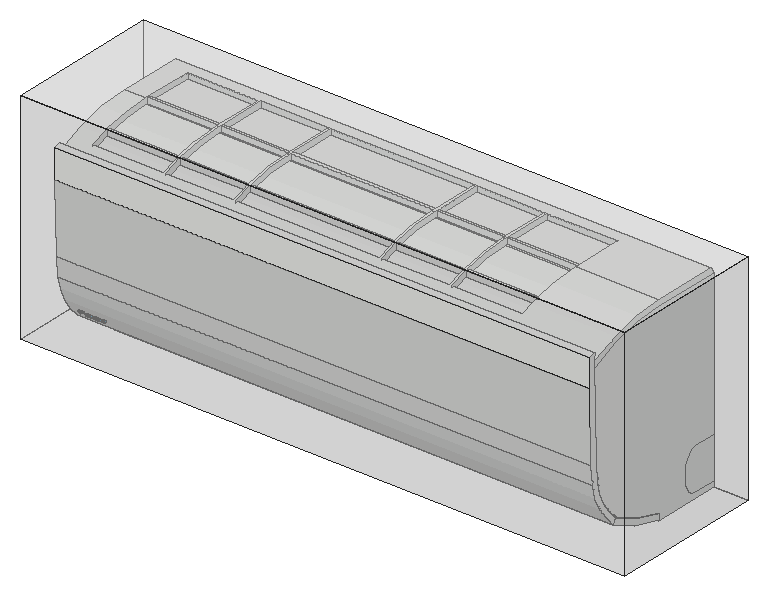
Revit family "outputfile", category 機械設備, Revit 2024
Family settings
  丸型コネクタ寸法 = 半径を使用
  パーツ タイプ = 標準
  OmniClass 番号 = 23.75.10.24.21.27.27
  OmniClass タイトル = Split System Air Conditioning Units
  作業面ベース = いいえ
  常に垂直 = はい
  ロード時にボイドで切り取り = いいえ
  注釈の向きを維持 = いいえ
  共有 = いいえ
  部屋計算ポイント = いいえ
Parameters (values of type "CTKM50VVMG")
  Description = ""
  書き出し IFC クラス(タイプ) = "IfcUnitaryEquipmentType"
  定義済み IFC タイプ(タイプ) = "AIRCONDITIONINGUNIT"
  Cost = 0
  Type Comments = ""
  Keynote = ""
  Type Image = (empty or 0)
  Assembly Code = ""
  w_wall hole = if(Width = 770.0 mm, 48.0 mm, 60.0 mm)  # 48.0 mm
  製造元 = "Daikin"
  モデル = "CTKM50VVMG"
  switch_frequency = yes
  r_Liquid Pipe Size = Liquid Pipe Size / 2  # 3.2 mm
  r_Gas Pipe Size = Gas Pipe Size / 2  # 6.35 mm
  r_Drain Pipe Size = Drain Pipe Size / 2  # 8.0 mm
  lw_powersupply [instance] = if(Width = 770.0 mm, if(or(Rear Right Connection_refrigerant, Bottom Right Connection_refrigerant), 25.0 mm, if(or(Rear Left Connection_refrigerant, Bottom Left Connection_refrigerant), 745.0 mm, 400.0 mm)), if(Width = 990.0 mm, if(or(Rear Right Connection_refrigerant, Bottom Right Connection_refrigerant), 40.0 mm, if(or(Rear Left Connection_refrigerant, Bottom Left Connection_refrigerant), 920.0 mm, 400.0 mm)), if(or(Rear Right Connection_refrigerant, Bottom Right Connection_refrigerant), 40.0 mm, if(or(Rear Left Connection_refrigerant, Bottom Left Connection_refrigerant), 920.0 mm, 400.0 mm))))  # 400.0 mm
  lw_liquidpipe [instance] = if(Width = 770.0 mm, if(or(Rear Right Connection_refrigerant, Bottom Right Connection_refrigerant), 0.0 mm, if(or(Rear Left Connection_refrigerant, Bottom Left Connection_refrigerant), 664.0 mm, 385.0 mm)), if(Width = 990.0 mm, if(or(Rear Right Connection_refrigerant, Bottom Right Connection_refrigerant), 0.0 mm, if(or(Rear Left Connection_refrigerant, Bottom Left Connection_refrigerant), 664.0 mm + (990.0 mm - 770.0 mm), 475.0 mm)), if(or(Rear Right Connection_refrigerant, Bottom Right Connection_refrigerant), 0.0 mm, if(or(Rear Left Connection_refrigerant, Bottom Left Connection_refrigerant), 664.0 mm + (990.0 mm - 770.0 mm), 475.0 mm))))  # 385.0 mm
  lw_gaspipe [instance] = if(Width = 770.0 mm, if(or(Rear Right Connection_refrigerant, Bottom Right Connection_refrigerant), 0.0 mm, if(or(Rear Left Connection_refrigerant, Bottom Left Connection_refrigerant), 675.0 mm, if(Gas Pipe Size = 12.7 mm, 345.0 mm, 335.0 mm))), if(Width = 990.0 mm, if(or(Rear Right Connection_refrigerant, Bottom Right Connection_refrigerant), 10.0 mm, if(or(Rear Left Connection_refrigerant, Bottom Left Connection_refrigerant), 890.0 mm, if(Gas Pipe Size = 15.9 mm, 410.0 mm, 400.0 mm))), if(or(Rear Right Connection_refrigerant, Bottom Right Connection_refrigerant), 10.0 mm, if(or(Rear Left Connection_refrigerant, Bottom Left Connection_refrigerant), 890.0 mm, if(Gas Pipe Size = 15.9 mm, 410.0 mm, 400.0 mm)))))  # 345.0 mm
  lw_drainpipe [instance] = if(Width = 770.0 mm, if(or(Rear Right Connection_refrigerant, Bottom Right Connection_refrigerant), 0.0 mm, if(or(Rear Left Connection_refrigerant, Bottom Left Connection_refrigerant), 770.0 mm - 48.0 mm - 48.0 mm, 440.0 mm)), if(Width = 990.0 mm, if(or(Rear Right Connection_refrigerant, Bottom Right Connection_refrigerant), 0.0 mm, if(or(Rear Left Connection_refrigerant, Bottom Left Connection_refrigerant), 675.0 mm + (990.0 mm - 770.0 mm), 435.0 mm)), if(or(Rear Right Connection_refrigerant, Bottom Right Connection_refrigerant), 0.0 mm, if(or(Rear Left Connection_refrigerant, Bottom Left Connection_refrigerant), 675.0 mm + (990.0 mm - 770.0 mm), 435.0 mm))))  # 440.0 mm
  l_powersupply_length [instance] = if(Width = 770.0 mm, if(Right Connection_refrigerant, 400.0 mm, if(Left Connection_refrigerant, 770.0 mm - 400.0 mm, if(or(Rear Left Connection_refrigerant, Rear Right Connection_refrigerant), 15.0 mm, 50.0 mm))), if(Width = 990.0 mm, if(Right Connection_refrigerant, 400.0 mm, if(Left Connection_refrigerant, 990.0 mm - 400.0 mm, if(or(Rear Left Connection_refrigerant, Rear Right Connection_refrigerant), 15.0 mm, 50.0 mm))), if(Right Connection_refrigerant, 400.0 mm, if(Left Connection_refrigerant, 990.0 mm - 400.0 mm, if(or(Rear Left Connection_refrigerant, Rear Right Connection_refrigerant), 15.0 mm, 50.0 mm)))))  # 400.0 mm
  l_liquidpipe_length [instance] = if(Width = 770.0 mm, if(Right Connection_refrigerant, 433.0 mm, if(Left Connection_refrigerant, 337.0 mm, if(or(Rear Left Connection_refrigerant, Rear Right Connection_refrigerant), 30.0 mm, 40.0 mm))), if(Width = 990.0 mm, if(Right Connection_refrigerant, 535.0 mm, if(Left Connection_refrigerant, 455.0 mm, if(or(Rear Left Connection_refrigerant, Rear Right Connection_refrigerant), 30.0 mm, 40.0 mm))), if(Right Connection_refrigerant, 535.0 mm, if(Left Connection_refrigerant, 455.0 mm, if(or(Rear Left Connection_refrigerant, Rear Right Connection_refrigerant), 30.0 mm, 40.0 mm)))))  # 433.0 mm
  l_gaspipe_length [instance] = if(Width = 770.0 mm, if(Right Connection_refrigerant, if(Gas Pipe Size = 12.7 mm, 393.0 mm, 383.0 mm), if(Left Connection_refrigerant, if(Gas Pipe Size = 12.7 mm, 770.0 mm - 393.0 mm, 770.0 mm - 383.0 mm), if(or(Rear Left Connection_refrigerant, Rear Right Connection_refrigerant), 40.0 mm, 50.0 mm))), if(Width = 990.0 mm, if(Right Connection_refrigerant, if(Gas Pipe Size = 15.9 mm, 470.0 mm, 460.0 mm), if(Left Connection_refrigerant, if(Gas Pipe Size = 15.9 mm, 990.0 mm - 470.0 mm, 990.0 mm - 460.0 mm), if(or(Rear Left Connection_refrigerant, Rear Right Connection_refrigerant), 40.0 mm, 50.0 mm))), if(Right Connection_refrigerant, if(Gas Pipe Size = 15.9 mm, 470.0 mm, 460.0 mm), if(Left Connection_refrigerant, if(Gas Pipe Size = 15.9 mm, 990.0 mm - 470.0 mm, 990.0 mm - 460.0 mm), if(or(Rear Left Connection_refrigerant, Rear Right Connection_refrigerant), 40.0 mm, 50.0 mm)))))  # 393.0 mm
  l_drainpipe_length [instance] = if(Width = 770.0 mm, if(Right Connection_refrigerant, 488.0 mm, if(Left Connection_refrigerant, 282.0 mm, if(or(Rear Left Connection_refrigerant, Rear Right Connection_refrigerant), 15.0 mm, 20.0 mm))), if(Width = 990.0 mm, if(Right Connection_refrigerant, 495.0 mm, if(Left Connection_refrigerant, 495.0 mm, if(or(Rear Left Connection_refrigerant, Rear Right Connection_refrigerant), 15.0 mm, 20.0 mm))), if(Right Connection_refrigerant, 495.0 mm, if(Left Connection_refrigerant, 495.0 mm, if(or(Rear Left Connection_refrigerant, Rear Right Connection_refrigerant), 15.0 mm, 20.0 mm)))))  # 488.0 mm
  h*** = 0.0 mm  # constant formula
  connector_voltage = Voltage_50Hz  # 230 V
  connector_powerinput = [Power Input (Cooling)]  # 0.000 kW
  connector_phase = Phase_50Hz  # 1
  angle_vertical [instance] = if(or(Bottom Left Connection_refrigerant, Bottom Right Connection_refrigerant), 0.00°, 90.00°)  # 90.00°
  angle_horizontal [instance] = if(Right Connection_refrigerant, 90.00°, if(Left Connection_refrigerant, -90.00°, if(or(Rear Left Connection_refrigerant, Rear Right Connection_refrigerant), 180.00°, 0.00°)))  # 90.00°
  Width = 770.0 mm
  Voltage_comment_50Hz = "220 - 240"
  Voltage_50Hz = 230 V
  Version = "ver.1.0"
  Unit Type = "Wall Mounted"
  Unit Mass Weight = 9.00 kg
  Unit Designation [instance] = ""
  Uniclass2015Version = "Products v1.30"
  Uniclass2015Title = "Split coil room air conditioning units"
  Uniclass2015Code = "Pr_70_65_03_86"
  URL = ""
  Total Cooling Capacity [instance] = 0.000 kW
  Sound Pressure Level_M speed (dBA) = 40
  Sound Pressure Level_L speed (dBA) = 35
  Sound Pressure Level_H speed (dBA) = 45
  Sound Power Level_H speed (dB) = 0
  Series = "Multi Split_Fan Coil Unit"
  Sensible Cooling Capacity [instance] = 0.000 kW
  Refrigerant Type = "R32"
  Power Input (Cooling) = 0.000 kW
  Phase_50Hz = 1
  Option Accessory 3 [instance] = ""
  Option Accessory 2 [instance] = ""
  Option Accessory 1 [instance] = ""
  Nominal Cooling Capacity = 5.000 kW
  Minimum Circuit Amps_50Hz = 0.0 A
  Minimum Airflow = 504.00 m³/h
  Median Airflow = 600.00 m³/h
  Maximum Fuse Amps_50Hz = 0.0 A
  Maximum Airflow = 732.00 m³/h
  Material_Casing = DAIKIN_White_Casing_indoorunit
  Load Classification = HVAC
  Liquid Pipe Size = 6.4 mm
  Link_Nested Family [instance] = ""
  IfcVersion = ""
  IfcExportType = "AIRCONDITIONINGUNIT"
  IfcExportAs = "IfcUnitaryEquipmentType"
  Height = 285.0 mm
  Heat Exchanger Type = "Cross Fin Coil"
  Gas Pipe Size = 12.7 mm
  Frequency_50Hz = 50 Hz
  Fan Type = "Cross Flow Fan"
  Fan Drive = "Direct Drive"
  FCU Tag No. [instance] = ""
  Drain Pipe Size = 16.0 mm
  Design Supply Airflow [instance] = 0.00 m³/h
  Depth = 223.0 mm
  既定の高さ = 0.0 mm
  Cooling Entering Wet Bulb Temperature [instance] = 0.00 °C
  Cooling Entering Dry Bulb Temperature [instance] = 0.00 °C
  Cooling Ambient Wet Bulb Temperature [instance] = 0.00 °C
  Cooling Ambient Dry Bulb Temperature [instance] = 0.00 °C
  Clearance visibility [instance] = yes
  Clearance Top = 30.0 mm
  Clearance Right = 50.0 mm
  Clearance Rear = 0.0 mm
  Clearance Left = 50.0 mm
  Clearance Front = 0.0 mm
  Clearance Bottom = 0.0 mm
  Bottom Right Connection_refrigerant [instance] = no
  Bottom Left Connection_refrigerant [instance] = no
  Rear Right Connection_refrigerant [instance] = no
  Rear Left Connection_refrigerant [instance] = no
  Right Connection_refrigerant [instance] = yes
  Left Connection_refrigerant [instance] = no
Reference planes
  plane 1 "Back": y = 0
  plane 2: z = 0
  plane 3 "Center (Left/Right)": x = 0
  plane 4 "Center (Front/Back)": y = -111.5
  plane 5 "Front": y = -223
  plane 6 "Left": x = -385
  plane 7 "Right": x = 385
  plane 8 "Top": z = 0
  plane 9 "Bottom": z = -285
  plane 10: x = -435
  plane 11: x = 435
  plane 12: y = 0
  plane 13: y = -223
  plane 14: z = 30
  plane 15: z = -285
  plane 16 "lw_Piping and Wiring intake": x = 337
  plane 17 "lw_gaspipe": x = -8
  plane 18 "lw_liquidpipe": x = -48
  plane 19 "lw_drainpipe": x = -103
  plane 20 "lh_drainpipe": z = -265
  plane 21 "lh_liquidpipe": z = -245
  plane 22 "lh_gaspipe": z = -235
  plane 23 "ld_drainpipe": y = -15
  plane 24 "ld_liquidpipe": y = -30
  plane 25 "ld_gaspipe": y = -40
  plane 26 "lw_powersupply": x = -15
Dimensions and locks
  equal spacing: plane 6 "Left", plane 3 "Center (Left/Right)", plane 7 "Right"
  "Width": plane 6 "Left" to plane 7 "Right"
  equal spacing: plane 5 "Front", plane 4 "Center (Front/Back)", plane 1 "Back"
  "Depth": plane 5 "Front" to plane 1 "Back"
  "Height": plane 8 "Top" to plane 9 "Bottom"
  "Clearance Rear": plane 12 to plane 1 "Back"
  "Clearance Front": plane 13 to plane 5 "Front"
  "Clearance Top": plane 14 to plane 8 "Top"
  "Clearance Bottom": plane 9 "Bottom" to plane 15
  "w_wall hole": plane 16 "lw_Piping and Wiring intake" to plane 7 "Right"
  "lw_gaspipe": plane 17 "lw_gaspipe" to plane 16 "lw_Piping and Wiring intake"
  "lw_liquidpipe": plane 18 "lw_liquidpipe" to plane 16 "lw_Piping and Wiring intake"
  "lw_drainpipe": plane 19 "lw_drainpipe" to plane 16 "lw_Piping and Wiring intake"
  locked: plane 20 "lh_drainpipe" to plane 9 "Bottom" at 20
  locked: plane 21 "lh_liquidpipe" to plane 9 "Bottom" at 40
  locked: plane 22 "lh_gaspipe" to plane 9 "Bottom" at 50
  locked: plane 23 "ld_drainpipe" to plane 1 "Back" at 15
  locked: plane 1 "Back" to plane 24 "ld_liquidpipe" at 30
  locked: plane 1 "Back" to plane 25 "ld_gaspipe" at 40
  "lw_powersupply": plane 26 "lw_powersupply" to plane 7 "Right"
  "Clearance Left": plane 10 to plane 6 "Left"
  "Clearance Right": plane 7 "Right" to plane 11
  aligned and locked: level to plane 2
  aligned and locked: plane 12 to nested 1
  aligned and locked: nested 1 to plane 13
  aligned and locked: plane 10 to nested 1
  aligned and locked: plane 11 to nested 1
  aligned and locked: plane 15 to nested 1
  aligned and locked: plane 14 to nested 1
  aligned and locked: plane 17 "lw_gaspipe" to nested 2
  aligned and locked: nested 2 to plane 25 "ld_gaspipe"
  aligned and locked: plane 18 "lw_liquidpipe" to nested 3
  aligned and locked: nested 3 to plane 24 "ld_liquidpipe"
  aligned and locked: plane 19 "lw_drainpipe" to nested 4
  aligned and locked: nested 4 to plane 23 "ld_drainpipe"
  aligned and locked: nested 5 to plane 23 "ld_drainpipe"
  aligned and locked: plane 26 "lw_powersupply" to nested 5
  aligned and locked: level to plane 8 "Top"
  aligned and locked: plane 3 "Center (Left/Right)" to nested 6
  aligned and locked: plane 1 "Back" to nested 6
  aligned and locked: plane 8 "Top" to nested 6
Nested families
  nested 1: "daikin_clearancespace" at (0, -111.5, -127.381), show <- "Clearance visibility", visible <- "Clearance visibility", Link_Nested Family <- "Link_Nested Family", type "daikin_clearancespace"
    with width 870.0 mm, show yes, height 315.0 mm, depth 223.0 mm, Link_Nested Family ""
  nested 2: "daikin_connector_rotate3" at (-8, -40, -235), angle_vertical <- "angle_vertical", angle_horizontal <- "angle_horizontal", length <- "l_gaspipe_length", radius <- "r_Gas Pipe Size", type "daikin_connector_rotate3"
    with show no, radius 6.35 mm, length 393.0 mm, angle_vertical 90.00°, angle_horizontal 90.00°
  nested 3: "daikin_connector_rotate3" at (-48, -30, -245), angle_vertical <- "angle_vertical", angle_horizontal <- "angle_horizontal", radius <- "r_Liquid Pipe Size", length <- "l_liquidpipe_length", type "daikin_connector_rotate3"
    with show no, radius 3.2 mm, length 433.0 mm, angle_vertical 90.00°, angle_horizontal 90.00°
  nested 4: "daikin_connector_rotate3" at (-103, -15, -265), angle_vertical <- "angle_vertical", angle_horizontal <- "angle_horizontal", length <- "l_drainpipe_length", radius <- "r_Drain Pipe Size", type "daikin_connector_rotate3"
    with show no, radius 8.0 mm, length 488.0 mm, angle_vertical 90.00°, angle_horizontal 90.00°
  nested 5: "daikin_connector_rotate3" at (-15, -15, -235), angle_vertical <- "angle_vertical", angle_horizontal <- "angle_horizontal", length <- "l_powersupply_length", type "daikin_connector_rotate3"
    with show no, radius 10.0 mm, length 400.0 mm, angle_vertical 90.00°, angle_horizontal 90.00°
  nested 6: "DAIKIN_indoorunit_CTKM-VVMG" at (-31, 0, 0), type "CTKM-VVMG"
Connectors
  piping at (385, -40, -235), diameter 12.7, driven by "r_Gas Pipe Size"
    settings: on nested 2, index 1, connector inside diameter 609.6 mm, connector length 0.0 mm, flow factor 0, pipe flow 0.00 m³/h, pressure drop 0.0 Pa, fitting loss kfactor 0, connector angle 0.00°, fixture units 0, engagement length 0.0 mm, angle of deflection 0.00°, flow configuration 1, flow direction 2, fitting loss method 0, system type 29, joint type 0, gender type 0, connector reference index -1, connector utility 0, adjustable connector no, is connector primary yes, connector description "Refrigerant Gas Piping"
  piping at (385, -30, -245), diameter 6.4, driven by "r_Liquid Pipe Size"
    settings: on nested 3, index 2, connector inside diameter 609.6 mm, connector length 0.0 mm, flow factor 0, pipe flow 0.00 m³/h, pressure drop 0.0 Pa, fitting loss kfactor 0, connector angle 0.00°, fixture units 0, engagement length 0.0 mm, angle of deflection 0.00°, flow configuration 1, flow direction 1, fitting loss method 0, system type 29, joint type 0, gender type 0, connector reference index -1, connector utility 0, adjustable connector no, is connector primary no, connector description "Refrigerant Liquid Piping"
  piping at (385, -15, -265), diameter 16, driven by "r_Drain Pipe Size"
    settings: on nested 4, index 3, connector inside diameter 609.6 mm, connector length 0.0 mm, flow factor 0, pipe flow 0.00 m³/h, pressure drop 0.0 Pa, fitting loss kfactor 0, connector angle 0.00°, fixture units 0, engagement length 0.0 mm, angle of deflection 0.00°, flow configuration 1, flow direction 2, fitting loss method 4, system type 16, joint type 0, gender type 0, connector reference index -1, connector utility 0, adjustable connector no, is connector primary no, connector description "Condensate Drain Piping"
  electrical at (385, -15, -235), driven by "Load Classification", driven by "connector_powerinput", driven by "connector_phase", driven by "connector_voltage"
    settings: on nested 5, index 4, voltage 230 V, apparent load 0 VA, apparent load phase1 0 VA, apparent load phase2 0 VA, apparent load phase3 0 VA, power factor 1, load classification "HVAC", number of poles 1, system type 30, power factor state 1, is connector primary yes, connector utility no, sub classification motor no, connector description "Power Supply"
Definition of nested family "daikin_clearancespace"
  Parameters (values of type "daikin_clearancespace")
    Description = "daikin_clearancespace"
    width [instance] = 1823.963 mm
    show [instance] = yes
    material = none
    height [instance] = 1359.762 mm
    depth [instance] = 880.0 mm
    Default Elevation = 0.0 mm
    Link_Nested Family [instance] = ""
  Reference planes
    plane 1 "Center (Front/Back)": y = 0
    plane 2 "Center (Elevation)": z = -0.119
    plane 3 "Center (Left/Right)": x = 0
    plane 4: y = 440
    plane 5: y = -440
    plane 6 "Right": x = 911.982
    plane 7 "Left": x = -911.982
    plane 8 "Top": z = 679.762
    plane 9 "Bottom": z = -680
  Forms (mm)
    Extrusion 1, solid, material <- "material", visible <- "show"
      sketch origin (0, 0, 0) x (1, 0, 0) y (0, 1, 0)
        loop
          line (-911.982, 440) -> (-911.982, -440) -> (911.982, -440) -> (911.982, 440) -> (-911.982, 440)
      from -680 to 679.762
  Lines and regions (mm)
    symbolic lines, visible <- "show"
      curve 1: line (911.982, 440, 0) -> (-911.982, 440, 0)
      curve 2: line (-911.982, 440, 0) -> (-911.982, -440, 0)
      curve 3: line (-911.982, -440, 0) -> (911.982, -440, 0)
      curve 4: line (911.982, -440, 0) -> (911.982, 440, 0)
      curve 5: line (911.982, 0, 679.762) -> (-911.982, 0, 679.762)
      curve 6: line (911.982, 0, -680) -> (911.982, 0, 679.762)
      curve 7: line (-911.982, 0, -680) -> (911.982, 0, -680)
      curve 8: line (-911.982, 0, 679.762) -> (-911.982, 0, -680)
      curve 9: line (0, 440, 679.762) -> (0, -440, 679.762)
      curve 10: line (0, -440, 679.762) -> (0, -440, -680)
      curve 11: line (0, 440, -680) -> (0, 440, 679.762)
      curve 12: line (0, -440, -680) -> (0, 440, -680)
  Dimensions and locks
    "width": plane 7 "Left" to plane 6 "Right"
    "depth": plane 4 to plane 5
    "height": plane 8 "Top" to plane 9 "Bottom"
    equal spacing: plane 7 "Left", plane 3 "Center (Left/Right)", plane 6 "Right"
    equal spacing: plane 4, plane 1 "Center (Front/Back)", plane 5
    equal spacing: plane 8 "Top", plane 2 "Center (Elevation)", plane 9 "Bottom"
    aligned and locked: level to plane 2 "Center (Elevation)"
    aligned and locked: Extrusion 1 sketch curve to plane 4
    aligned and locked: plane 7 "Left" to Extrusion 1 sketch curve
    aligned and locked: Extrusion 1 sketch curve to plane 5
    aligned and locked: Extrusion 1 sketch curve to plane 6 "Right"
    aligned and locked: plane 8 "Top" to Extrusion 1
    aligned and locked: curve 1 to Extrusion 1
    aligned and locked: curve 2 to Extrusion 1
    aligned and locked: curve 3 to Extrusion 1
    aligned and locked: curve 4 to Extrusion 1
    aligned and locked: curve 5 to Extrusion 1
    aligned and locked: curve 6 to Extrusion 1
    aligned and locked: curve 7 to Extrusion 1
    aligned and locked: curve 8 to Extrusion 1
    aligned and locked: curve 9 to Extrusion 1
    aligned and locked: curve 10 to Extrusion 1
    aligned and locked: curve 11 to Extrusion 1
    aligned and locked: curve 12 to Extrusion 1
    aligned and locked: Extrusion 1 to plane 9 "Bottom"
Definition of nested family "DAIKIN_indoorunit_CTKM-VVMG"
  Parameters (values of type "CTKM-VVMG")
    switch_unit1_60-71 = Width = 990.0 mm  # no
    switch_unit1_25-50 = Width = 770.0 mm  # yes
    Width = 770.0 mm
    WALL HOLE-R = if(Width = 770.0 mm, 48.0 mm, 60.0 mm)  # 48.0 mm
    WALL HOLE Size = if(Width = 770.0 mm, 65.0 mm, 80.0 mm)  # 65.0 mm
    Material_Casing = none
    Height = if(Width = 770.0 mm, 285.0 mm, 295.0 mm)  # 285.0 mm
    Default Elevation = 0.0 mm
  Reference planes
    plane 1 "Center (Front/Back)": y = 0
    plane 2 "reference_level": z = 0
    plane 3 "Center (Left/Right)": x = 31
    plane 4: x = -354
    plane 5: x = 416
    plane 6: z = -285
  Forms (mm)
    Extrusion 1, solid, material <- "Material_Casing", visible <- "switch_unit1_25-50"
      sketch origin (29, 0, 0) x (0, 1, 0) y (0, 0, 1)
        loop
          line (-5, 0) -> (-98, 0)
          arc (-98, 0) -> (-157.611, -7.211) -> (-213.783, -28.427) r 250
          arc (-213.783, -28.427) -> (-213.842, -32.972) -> (-213.892, -37.516) r 2191
          arc (-213.892, -37.516) -> (-157.832, -15.495) -> (-98.07, -8) r 242
          line (-98.07, -8) -> (0, -8) -> (-5, 0)
      from -383 to 387
    Extrusion 2, solid, material <- "Material_Casing", visible <- "switch_unit1_25-50"
      sketch origin (416, 1296.25, 1200) x (0, 1, 0) y (0, 0, 1)
        loop
          line (-1472.998, -1446.91) -> (-1476.998, -1453.839)
          arc (-1476.998, -1453.839) -> (-1437.481, -1472.422) -> (-1395.25, -1483.538) r 240
          line (-1395.25, -1483.538) -> (-1395.25, -1475.422)
          arc (-1395.25, -1475.422) -> (-1435.407, -1464.663) -> (-1472.998, -1446.91) r 232
      from 0 to -47.5
    Extrusion 3, solid, material <- "Material_Casing", visible <- "switch_unit1_25-50"
      sketch origin (29, 0, 0) x (0, 1, 0) y (0, 0, 1)
        loop
          arc (-223, -60.455) -> (-222.414, -110.646) -> (-220.656, -160.81) r 2149.92
          arc (-220.656, -160.81) -> (-219.65, -174.299) -> (-217.853, -187.706) r 229.911
          arc (-217.853, -187.706) -> (-205.371, -223.594) -> (-181.517, -253.17) r 111
          line (-181.517, -253.17) -> (-177.429, -246.093)
          arc (-177.429, -246.093) -> (-198.77, -218.989) -> (-209.965, -186.36) r 103
          arc (-209.965, -186.36) -> (-211.681, -173.586) -> (-212.651, -160.735) r 221.844
          arc (-212.651, -160.735) -> (-214.739, -93.233) -> (-214.74, -25.699) r 2186.828
          arc (-214.74, -25.699) -> (-214.671, -21.467) -> (-214.594, -17.235) r 2192
          line (-214.594, -17.235) -> (-223, -19.961) -> (-223, -60.455)
      from -383 to 387
    Extrusion 4, solid, material <- "Material_Casing", visible <- "switch_unit1_25-50"
      sketch origin (29, 0, -20) x (0, 1, 0) y (0, 0, 1)
        loop
          line (0, -265) -> (0, 12) -> (-98.07, 12)
          arc (-98.07, 12) -> (-157.832, 4.505) -> (-213.892, -17.516) r 242
          arc (-213.892, -17.516) -> (-213.638, -79.114) -> (-211.653, -140.681) r 2191
          arc (-211.653, -140.681) -> (-210.685, -153.501) -> (-208.973, -166.243) r 221
          arc (-208.973, -166.243) -> (-197.471, -199.282) -> (-175.482, -226.491) r 102
          arc (-175.482, -226.491) -> (-138.004, -244.019) -> (-98, -254.579) r 231
          line (-98, -254.579) -> (-98, -265) -> (0, -265)
      from -383 to 387
    Extrusion 5, solid, material <- "Material_Casing", visible <- "switch_unit1_25-50"
      sketch origin (-354, 1296.25, 1200) x (0, 1, 0) y (0, 0, 1)
        loop
          line (-1472.998, -1446.91) -> (-1476.998, -1453.839)
          arc (-1476.998, -1453.839) -> (-1437.481, -1472.422) -> (-1395.25, -1483.538) r 240
          line (-1395.25, -1483.538) -> (-1395.25, -1475.422)
          arc (-1395.25, -1475.422) -> (-1435.407, -1464.663) -> (-1472.998, -1446.91) r 232
      from 47 to 0
    Extrusion 6, solid, material <- "Material_Casing", visible <- "switch_unit1_25-50"
      sketch origin (416, 1296.25, 1200) x (0, 1, 0) y (0, 0, 1)
        loop
          line (-1472.998, -1446.91) -> (-1476.998, -1453.839)
          arc (-1476.998, -1453.839) -> (-1443.437, -1470.168) -> (-1407.75, -1481.097) r 240
          line (-1407.75, -1481.097) -> (-1407.75, -1472.894)
          arc (-1407.75, -1472.894) -> (-1441.363, -1462.385) -> (-1472.998, -1446.91) r 232
      from -116.993 to -48.493
    Extrusion 7, solid, material <- "Material_Casing", visible <- "switch_unit1_25-50"
      sketch origin (416, 1296.25, 1200) x (0, 1, 0) y (0, 0, 1)
        loop
          line (-1472.998, -1446.91) -> (-1476.998, -1453.839)
          arc (-1476.998, -1453.839) -> (-1443.437, -1470.168) -> (-1407.75, -1481.097) r 240
          line (-1407.75, -1481.097) -> (-1407.75, -1472.894)
          arc (-1407.75, -1472.894) -> (-1441.363, -1462.385) -> (-1472.998, -1446.91) r 232
      from -717 to -121.993
    Extrusion 8, void
      sketch origin (31, 0, -235) x (1, 0, 0) y (0, 1, 0)
        loop
          line (-252.674, -22.316) -> (-354.941, -22.316) -> (-354.941, -91.341) -> (-252.674, -91.341) -> (-252.674, -22.316)
        loop
          line (-249.341, -91.341) -> (-151.574, -91.341) -> (-151.574, -22.316) -> (-249.341, -22.316) -> (-249.341, -91.341)
        loop
          line (58.309, -22.316) -> (-148.309, -22.316) -> (-148.309, -91.341) -> (58.309, -91.341) -> (58.309, -22.316)
        loop
          line (61.689, -22.316) -> (61.689, -91.341) -> (159.457, -91.341) -> (159.457, -22.316) -> (61.689, -22.316)
        loop
          line (162.789, -22.316) -> (162.789, -91.341) -> (265.057, -91.341) -> (265.057, -22.316) -> (162.789, -22.316)
        loop
          line (-354.941, -94.659) -> (-354.941, -165.259) -> (-252.674, -165.259) -> (-252.674, -94.659) -> (-354.941, -94.659)
        loop
          line (-249.341, -94.659) -> (-249.341, -165.259) -> (-151.574, -165.259) -> (-151.574, -94.659) -> (-249.341, -94.659)
        loop
          line (-148.309, -94.659) -> (-148.309, -165.259) -> (58.309, -165.259) -> (58.309, -94.659) -> (-148.309, -94.659)
        loop
          line (61.689, -94.659) -> (61.689, -165.259) -> (159.457, -165.259) -> (159.457, -94.659) -> (61.689, -94.659)
        loop
          line (162.789, -94.659) -> (162.789, -165.259) -> (265.057, -165.259) -> (265.057, -94.659) -> (162.789, -94.659)
        loop
          line (-354.941, -167.382) -> (-354.941, -192.681) -> (-252.674, -192.681) -> (-252.674, -167.382) -> (-354.941, -167.382)
        loop
          line (-249.341, -167.382) -> (-249.341, -192.681) -> (-151.574, -192.681) -> (-151.574, -167.382) -> (-249.341, -167.382)
        loop
          line (-148.309, -167.382) -> (-148.309, -192.681) -> (58.309, -192.681) -> (58.309, -167.382) -> (-148.309, -167.382)
        loop
          line (159.457, -167.382) -> (61.689, -167.382) -> (61.689, -192.681) -> (159.457, -192.681) -> (159.457, -167.382)
        loop
          line (265.057, -167.382) -> (162.789, -167.382) -> (162.789, -192.681) -> (265.057, -192.681) -> (265.057, -167.382)
      from 201.638 to 250
    Extrusion 9, solid, material <- "Material_Casing"
      sketch origin (31, 0, 0) x (1, 0, 0) y (0, 0, 1)
        loop
          circle (337, -240.5) r 32.5
        loop
          circle (-337, -240.5) r 32.5
      from 0 to 5
    Extrusion 10, solid, material <- "Material_Casing", visible <- "switch_unit1_25-50"
      sketch origin (416, 1296.25, 1200) x (0, -1, 0) y (0, 0, 1)
        loop
          line (1326.25, -1417) -> (1296.25, -1417) -> (1296.25, -1477) -> (1326.25, -1477)
          arc (1326.25, -1477) -> (1340.393, -1471.142) -> (1346.25, -1457) r 20
          line (1346.25, -1457) -> (1346.25, -1437)
          arc (1346.25, -1437) -> (1340.393, -1422.858) -> (1326.25, -1417) r 20
      from 0 to 5
    Extrusion 11, solid, material <- "Material_Casing", visible <- "switch_unit1_25-50"
      sketch origin (-354, 1296.25, 1200) x (0, 1, 0) y (0, 0, 1)
        loop
          line (-1296.25, -1417) -> (-1326.25, -1417)
          arc (-1326.25, -1417) -> (-1340.393, -1422.858) -> (-1346.25, -1437) r 20
          line (-1346.25, -1437) -> (-1346.25, -1457)
          arc (-1346.25, -1457) -> (-1340.393, -1471.142) -> (-1326.25, -1477) r 20
          line (-1326.25, -1477) -> (-1296.25, -1477) -> (-1296.25, -1417)
      from 0 to 5
    Extrusion 12, solid, material <- "Material_Casing", visible <- "switch_unit1_25-50"
      sketch origin (31, 0, -285) x (-1, 0, 0) y (0, -1, 0)
        loop
          line (-314, 0) -> (-314, 30)
          arc (-314, 30) -> (-319.858, 44.142) -> (-334, 50) r 20
          line (-334, 50) -> (-354, 50)
          arc (-354, 50) -> (-368.142, 44.142) -> (-374, 30) r 20
          line (-374, 30) -> (-374, 0) -> (-314, 0)
        loop
          line (374, 0) -> (374, 30)
          arc (374, 30) -> (368.142, 44.142) -> (354, 50) r 20
          line (354, 50) -> (334, 50)
          arc (334, 50) -> (319.858, 44.142) -> (314, 30) r 20
          line (314, 30) -> (314, 0) -> (374, 0)
      from 0 to 5
    Extrusion 13, solid, material <- "Material_Casing", visible <- "switch_unit1_60-71"
      sketch origin (31, 0, 0) x (0, 1, 0) y (0, 0, 1)
        loop
          line (-5, 0) -> (-138, 0)
          arc (-138, 0) -> (-197.611, -7.211) -> (-253.783, -28.427) r 250
          arc (-253.783, -28.427) -> (-253.838, -32.687) -> (-253.886, -36.946) r 2191
          arc (-253.886, -36.946) -> (-197.73, -15.346) -> (-138.014, -8) r 246.393
          line (-138.014, -8) -> (0, -8) -> (-5, 0)
      from -495 to 495
    Extrusion 14, solid, material <- "Material_Casing", visible <- "switch_unit1_60-71"
      sketch origin (418, 1296.25, 1200) x (0, 1, 0) y (0, 0, 1)
        loop
          arc (-1515.208, -1454.149) -> (-1506.856, -1460.599) -> (-1497.925, -1466.219) r 110
          arc (-1497.925, -1466.219) -> (-1445.718, -1487.493) -> (-1389.844, -1494.995) r 223
          line (-1389.844, -1494.995) -> (-1389.844, -1486.086) -> (-1404.386, -1486.086)
          arc (-1404.386, -1486.086) -> (-1449.542, -1477.46) -> (-1491.818, -1459.402) r 214.289
          arc (-1491.818, -1459.402) -> (-1501.056, -1453.541) -> (-1509.606, -1446.715) r 101
          line (-1509.606, -1446.715) -> (-1515.208, -1454.149)
      from 108 to 57.5
    Extrusion 15, solid, material <- "Material_Casing", visible <- "switch_unit1_60-71"
      sketch origin (31, 0, 0) x (0, 1, 0) y (0, 0, 1)
        loop
          line (-263, -19.962) -> (-263, -61.6)
          arc (-263, -61.6) -> (-262.414, -110.219) -> (-260.656, -158.81) r 2017.341
          arc (-260.656, -158.81) -> (-255.648, -191.935) -> (-244.041, -223.362) r 164.725
          arc (-244.041, -223.362) -> (-233.569, -239.793) -> (-219.717, -253.495) r 87.379
          line (-219.717, -253.495) -> (-214.706, -246.846)
          arc (-214.706, -246.846) -> (-229.564, -230.029) -> (-240.385, -210.371) r 102
          arc (-240.385, -210.371) -> (-249.049, -182.962) -> (-252.848, -154.467) r 165.789
          arc (-252.848, -154.467) -> (-254.771, -90.102) -> (-254.74, -25.708) r 2122.533
          arc (-254.74, -25.708) -> (-254.671, -21.469) -> (-254.594, -17.23) r 2192
          line (-254.594, -17.23) -> (-263, -19.962)
      from -495 to 495
    Extrusion 16, void
      sketch origin (33, 0, 0) x (1, 0, 0) y (0, 1, 0)
        loop
          line (-466.909, -22.316) -> (-466.909, -111.341) -> (-366.303, -111.341) -> (-366.303, -22.316) -> (-466.909, -22.316)
        loop
          line (-362.71, -22.316) -> (-362.71, -111.341) -> (-262.103, -111.341) -> (-262.103, -22.316) -> (-362.71, -22.316)
        loop
          line (-258.51, -22.316) -> (-258.51, -111.341) -> (-157.904, -111.341) -> (-157.904, -22.316) -> (-258.51, -22.316)
        loop
          line (-154.31, -22.316) -> (-154.31, -111.341) -> (-53.704, -111.341) -> (-53.704, -22.316) -> (-154.31, -22.316)
        loop
          line (-50.11, -22.316) -> (-50.11, -111.341) -> (50.496, -111.341) -> (50.496, -22.316) -> (-50.11, -22.316)
        loop
          line (54.089, -22.316) -> (54.089, -111.341) -> (154.696, -111.341) -> (154.696, -22.316) -> (54.089, -22.316)
        loop
          line (158.289, -22.316) -> (158.289, -111.341) -> (258.895, -111.341) -> (258.895, -22.316) -> (158.289, -22.316)
        loop
          line (262.489, -22.316) -> (262.489, -111.341) -> (363.095, -111.341) -> (363.095, -22.316) -> (262.489, -22.316)
        loop
          line (-466.909, -114.459) -> (-466.909, -185.059) -> (-366.303, -185.059) -> (-366.303, -114.459) -> (-466.909, -114.459)
        loop
          line (-362.71, -114.459) -> (-362.71, -185.059) -> (-262.103, -185.059) -> (-262.103, -114.459) -> (-362.71, -114.459)
        loop
          line (-258.51, -114.459) -> (-258.51, -185.059) -> (-157.904, -185.059) -> (-157.904, -114.459) -> (-258.51, -114.459)
        loop
          line (-154.31, -114.459) -> (-154.31, -185.059) -> (-53.704, -185.059) -> (-53.704, -114.459) -> (-154.31, -114.459)
        loop
          line (-50.11, -114.459) -> (-50.11, -185.059) -> (50.496, -185.059) -> (50.496, -114.459) -> (-50.11, -114.459)
        loop
          line (54.089, -114.459) -> (54.089, -185.059) -> (154.696, -185.059) -> (154.696, -114.459) -> (54.089, -114.459)
        loop
          line (158.289, -114.459) -> (158.289, -185.059) -> (258.895, -185.059) -> (258.895, -114.459) -> (158.289, -114.459)
        loop
          line (262.489, -114.459) -> (262.489, -185.059) -> (363.095, -185.059) -> (363.095, -114.459) -> (262.489, -114.459)
        loop
          line (-466.909, -187.382) -> (-466.909, -232.681) -> (-366.303, -232.681) -> (-366.303, -187.382) -> (-466.909, -187.382)
        loop
          line (-362.71, -187.382) -> (-362.71, -232.681) -> (-262.103, -232.681) -> (-262.103, -187.382) -> (-362.71, -187.382)
        loop
          line (-258.51, -187.382) -> (-258.51, -232.681) -> (-157.904, -232.681) -> (-157.904, -187.382) -> (-258.51, -187.382)
        loop
          line (-154.31, -187.382) -> (-154.31, -232.681) -> (-53.704, -232.681) -> (-53.704, -187.382) -> (-154.31, -187.382)
        loop
          line (-50.11, -187.382) -> (-50.11, -232.681) -> (50.496, -232.681) -> (50.496, -187.382) -> (-50.11, -187.382)
        loop
          line (54.089, -187.382) -> (54.089, -232.681) -> (154.696, -232.681) -> (154.696, -187.382) -> (54.089, -187.382)
        loop
          line (158.289, -187.382) -> (158.289, -232.681) -> (258.895, -232.681) -> (258.895, -187.382) -> (158.289, -187.382)
        loop
          line (262.489, -187.382) -> (262.489, -232.681) -> (363.095, -232.681) -> (363.095, -187.382) -> (262.489, -187.382)
      from -40.013 to 47.268
    Extrusion 17, solid, material <- "Material_Casing", visible <- "switch_unit1_60-71"
      sketch origin (-356, 1296.25, 1200) x (0, 1, 0) y (0, 0, -1)
        loop
          line (-1515.208, 1454.149) -> (-1509.606, 1446.715)
          arc (-1509.606, 1446.715) -> (-1501.056, 1453.541) -> (-1491.818, 1459.402) r 101
          arc (-1491.818, 1459.402) -> (-1449.542, 1477.46) -> (-1404.386, 1486.086) r 214.289
          line (-1404.386, 1486.086) -> (-1389.844, 1486.086) -> (-1389.844, 1494.995)
          arc (-1389.844, 1494.995) -> (-1445.718, 1487.493) -> (-1497.925, 1466.219) r 223
          arc (-1497.925, 1466.219) -> (-1506.856, 1460.599) -> (-1515.208, 1454.149) r 110
      from 108 to 61
    Extrusion 18, solid, material <- "Material_Casing", visible <- "switch_unit1_60-71"
      sketch origin (418, 1296.25, 1200) x (0, 1, 0) y (0, 0, 1)
        loop
          arc (-1515.208, -1454.149) -> (-1506.856, -1460.599) -> (-1497.925, -1466.219) r 110
          arc (-1497.925, -1466.219) -> (-1463.185, -1482.066) -> (-1426.25, -1491.755) r 223
          line (-1426.25, -1491.755) -> (-1426.25, -1483.166)
          arc (-1426.25, -1483.166) -> (-1460.008, -1473.969) -> (-1491.818, -1459.402) r 214.289
          arc (-1491.818, -1459.402) -> (-1501.056, -1453.541) -> (-1509.606, -1446.715) r 101
          line (-1509.606, -1446.715) -> (-1515.208, -1454.149)
      from 56.5 to -36.993
    Extrusion 19, solid, material <- "Material_Casing", visible <- "switch_unit1_60-71"
      sketch origin (418, 1296.25, 1200) x (0, 1, 0) y (0, 0, 1)
        loop
          arc (-1426.25, -1483.166) -> (-1443.442, -1479.224) -> (-1460.25, -1473.881) r 214.289
          line (-1460.25, -1473.881) -> (-1460.25, -1483.089)
          arc (-1460.25, -1483.089) -> (-1443.421, -1488.091) -> (-1426.25, -1491.755) r 223
          line (-1426.25, -1491.755) -> (-1426.25, -1483.166)
      from -43.493 to -828.893
    Extrusion 20, solid, material <- "Material_Casing", visible <- "switch_unit1_60-71"
      sketch origin (418, 1296.25, 1200) x (0, 1, 0) y (0, 0, 1)
        loop
          arc (-1515.208, -1454.149) -> (-1506.856, -1460.599) -> (-1497.925, -1466.219) r 110
          arc (-1497.925, -1466.219) -> (-1479.479, -1475.527) -> (-1460.25, -1483.089) r 223
          line (-1460.25, -1483.089) -> (-1460.25, -1473.881)
          arc (-1460.25, -1473.881) -> (-1476.328, -1467.282) -> (-1491.818, -1459.402) r 214.289
          arc (-1491.818, -1459.402) -> (-1501.056, -1453.541) -> (-1509.606, -1446.715) r 101
          line (-1509.606, -1446.715) -> (-1515.208, -1454.149)
      from -43.493 to -828.893
    Extrusion 21, solid, material <- "Material_Casing", visible <- "switch_unit1_60-71"
      sketch origin (31, 0, -30) x (0, 1, 0) y (0, 0, 1)
        loop
          line (0, 22) -> (-138.014, 22)
          arc (-138.014, 22) -> (-197.73, 14.654) -> (-253.886, -6.946) r 246.393
          arc (-253.886, -6.946) -> (-253.682, -65.635) -> (-251.855, -124.295) r 2120.935
          arc (-251.855, -124.295) -> (-248.086, -152.682) -> (-239.461, -179.988) r 164.789
          arc (-239.461, -179.988) -> (-228.903, -199.231) -> (-214.437, -215.738) r 101
          line (-214.437, -215.738) -> (-212.406, -216.221)
          arc (-212.406, -216.221) -> (-204.07, -222.837) -> (-195.079, -228.53) r 100
          arc (-195.079, -228.53) -> (-145.557, -248.629) -> (-92.593, -255.785) r 213.289
          line (-92.593, -255.785) -> (-92.593, -265) -> (0, -265) -> (0, 22)
      from -495 to 495
    Extrusion 22, solid, material <- "Material_Casing", visible <- "switch_unit1_60-71"
      sketch origin (526, 1296.25, 1200) x (0, -1, 0) y (0, 0, 1)
        loop
          line (1326.25, -1427.035) -> (1296.25, -1427.035) -> (1296.25, -1487.035) -> (1326.25, -1487.035)
          arc (1326.25, -1487.035) -> (1340.393, -1481.177) -> (1346.25, -1467.035) r 20
          line (1346.25, -1467.035) -> (1346.25, -1447.035)
          arc (1346.25, -1447.035) -> (1340.393, -1432.892) -> (1326.25, -1427.035) r 20
      from 0 to 5
    Extrusion 23, solid, material <- "Material_Casing", visible <- "switch_unit1_60-71"
      sketch origin (-459, 1296.25, 1200) x (0, -1, 0) y (0, 0, 1)
        loop
          line (1326.25, -1427.035) -> (1296.25, -1427.035) -> (1296.25, -1487.035) -> (1326.25, -1487.035)
          arc (1326.25, -1487.035) -> (1340.393, -1481.177) -> (1346.25, -1467.035) r 20
          line (1346.25, -1467.035) -> (1346.25, -1447.035)
          arc (1346.25, -1447.035) -> (1340.393, -1432.892) -> (1326.25, -1427.035) r 20
      from 0 to 5
    Extrusion 24, solid, material <- "Material_Casing", visible <- "switch_unit1_60-71"
      sketch origin (31, 200, -295) x (-1, 0, 0) y (0, -1, 0)
        loop
          line (469, 200) -> (469, 230)
          arc (469, 230) -> (463.142, 244.142) -> (449, 250) r 20
          line (449, 250) -> (429, 250)
          arc (429, 250) -> (414.858, 244.142) -> (409, 230) r 20
          line (409, 230) -> (409, 200) -> (469, 200)
        loop
          line (-469, 200) -> (-409, 200) -> (-409, 230)
          arc (-409, 230) -> (-414.858, 244.142) -> (-429, 250) r 20
          line (-429, 250) -> (-449, 250)
          arc (-449, 250) -> (-463.142, 244.142) -> (-469, 230) r 20
          line (-469, 230) -> (-469, 200)
      from 0 to 5
  Cuts and joins
    Extrusion 8 cuts Extrusion 1
    Extrusion 16 cuts Extrusion 13
  Lines and regions (mm)
    reference lines
      curve 1: line (-523, -201.911, -229.404) -> (-523, -193.542, -239.977)
      curve 2: line (-523, -240.779, -229.404) -> (-523, -232.411, -239.977)
  Dimensions and locks
    locked: Extrusion 10 sketch curve to Extrusion 10 sketch curve at 60
    locked: Extrusion 10 sketch curve to Extrusion 10 sketch curve at 50
    locked: Extrusion 12 sketch curve to Extrusion 12 sketch curve at 60  (x2)
    locked: Extrusion 12 sketch curve to Extrusion 12 sketch curve at 50
    equal spacing: plane 5, plane 3 "Center (Left/Right)", plane 4
    "Width": plane 5 to plane 4
    locked: Extrusion 9 sketch curve to plane 4 at 48
    "WALL HOLE-R": plane 5 to Extrusion 9 sketch curve
    "Height": plane 2 "reference_level" to plane 6
    locked: Extrusion 9 sketch curve to plane 6 at 44.5  (x2)
    locked: Extrusion 15 to nested 2 at 15
    locked: Extrusion 22 sketch curve to Extrusion 22 sketch curve at 60
    locked: Extrusion 22 sketch curve to Extrusion 22 sketch curve at 50
    locked: Extrusion 23 sketch curve to Extrusion 23 sketch curve at 60
    locked: Extrusion 23 sketch curve to Extrusion 23 sketch curve at 50
    locked: Extrusion 24 sketch curve to Extrusion 24 sketch curve at 60  (x2)
    locked: Extrusion 24 sketch curve to Extrusion 24 sketch curve at 50  (x2)
    "WALL HOLE Size": diameter of Extrusion 9 sketch curve  (x2)
    aligned and locked: level to plane 2 "reference_level"
    aligned and locked: nested 1 to curve 1
    aligned and locked: Extrusion 11 sketch curve to Extrusion 10  (x4)
    aligned and locked: Extrusion 12 sketch curve to Extrusion 12 sketch curve  (x2)
    aligned and locked: Extrusion 9 to plane 1 "Center (Front/Back)"
    aligned and locked: nested 2 to curve 2
  Automatic sketch dimensions
    curve 1 to level = 239.977 mm
    plane 1 "Center (Front/Back)" to curve 1 = 193.542 mm
    curve 2 to curve 1 = 0.0 mm
    curve 2 to curve 2 = 10.573 mm
    curve 1 to curve 1 = 10.573 mm
    curve 1 to curve 1 = 8.368 mm
    curve 1 to curve 2 = 30.5 mm
    curve 2 to curve 2 = 8.368 mm
    Extrusion 1 sketch curve to level = 0.0 mm
    Extrusion 1 sketch curve to plane 1 "Center (Front/Back)" = 0.0 mm
    plane 1 "Center (Front/Back)" to Extrusion 1 sketch curve = 5.0 mm
    plane 1 "Center (Front/Back)" to Extrusion 1 sketch curve = 98.0 mm
    Extrusion 1 sketch curve to Extrusion 1 sketch curve = 0.07 mm
    Extrusion 1 sketch curve to level = 59.292 mm
    Extrusion 1 sketch curve to plane 1 "Center (Front/Back)" = 1977.0 mm
    Extrusion 1 sketch curve to level = 250.0 mm
    Extrusion 1 sketch curve to Extrusion 1 sketch curve = 0.0 mm
    Extrusion 1 sketch curve to level = 8.0 mm
    Extrusion 1 sketch curve to level = 28.427 mm
    plane 1 "Center (Front/Back)" to Extrusion 2 sketch curve = 180.748 mm
    Extrusion 2 sketch curve to Extrusion 2 sketch curve = 4.0 mm
    Extrusion 2 sketch curve to Extrusion 2 sketch curve = 77.747 mm
    plane 1 "Center (Front/Back)" to Extrusion 2 sketch curve = 59.279 mm
    Extrusion 2 sketch curve to Extrusion 2 sketch curve = 0.0 mm
    Extrusion 2 sketch curve to level = 283.538 mm
    Extrusion 2 sketch curve to Extrusion 2 sketch curve = 8.116 mm
    Extrusion 2 sketch curve to Extrusion 2 sketch curve = 21.583 mm
    Extrusion 2 sketch curve to Extrusion 2 sketch curve = 6.929 mm
    Extrusion 3 sketch curve to level = 19.961 mm
    plane 1 "Center (Front/Back)" to Extrusion 3 sketch curve = 223.0 mm
    Extrusion 3 sketch curve to level = 17.235 mm
    Extrusion 3 sketch curve to Extrusion 3 sketch curve = 8.406 mm
    plane 1 "Center (Front/Back)" to Extrusion 3 sketch curve = 181.517 mm
    Extrusion 3 sketch curve to Extrusion 3 sketch curve = 4.087 mm
    Extrusion 3 sketch curve to Extrusion 3 sketch curve = 69.11 mm
    Extrusion 3 sketch curve to Extrusion 3 sketch curve = 0.001 mm
    Extrusion 3 sketch curve to plane 1 "Center (Front/Back)" = 8.955 mm
    Extrusion 3 sketch curve to Extrusion 3 sketch curve = 0.067 mm
    Extrusion 3 sketch curve to level = 60.455 mm
    Extrusion 3 sketch curve to Extrusion 3 sketch curve = 1917.898 mm
    Extrusion 3 sketch curve to Extrusion 3 sketch curve = 44.907 mm
    Extrusion 3 sketch curve to Extrusion 3 sketch curve = 5.172 mm
    Extrusion 3 sketch curve to level = 150.456 mm
    Extrusion 3 sketch curve to Extrusion 3 sketch curve = 0.006 mm
    Extrusion 3 sketch curve to Extrusion 3 sketch curve = 19.265 mm
    Extrusion 3 sketch curve to Extrusion 3 sketch curve = 0.004 mm
    Extrusion 3 sketch curve to Extrusion 3 sketch curve = 76.368 mm
    Extrusion 3 sketch curve to Extrusion 3 sketch curve = 7.077 mm
    Extrusion 3 sketch curve to Extrusion 3 sketch curve = 1.002 mm
    Extrusion 3 sketch curve to Extrusion 3 sketch curve = 0.046 mm
    Extrusion 3 sketch curve to Extrusion 3 sketch curve = 8.005 mm
    Extrusion 3 sketch curve to Extrusion 3 sketch curve = 0.147 mm
    Extrusion 3 sketch curve to Extrusion 3 sketch curve = 0.0 mm
    Extrusion 4 sketch curve to plane 1 "Center (Front/Back)" = 0.0 mm
    plane 1 "Center (Front/Back)" to Extrusion 4 sketch curve = 59.278 mm
    Extrusion 4 sketch curve to Extrusion 4 sketch curve = 98.0 mm
    Extrusion 4 sketch curve to Extrusion 4 sketch curve = 0.0 mm  (x3)
    Extrusion 4 sketch curve to level = 8.0 mm
    Extrusion 4 sketch curve to Extrusion 4 sketch curve = 38.791 mm
    Extrusion 4 sketch curve to Extrusion 4 sketch curve = 10.249 mm
    Extrusion 4 sketch curve to plane 1 "Center (Front/Back)" = 9.11 mm
    Extrusion 4 sketch curve to level = 59.292 mm
    Extrusion 4 sketch curve to Extrusion 4 sketch curve = 1967.89 mm
    Extrusion 4 sketch curve to Extrusion 4 sketch curve = 142.454 mm
    Extrusion 4 sketch curve to Extrusion 4 sketch curve = 19.271 mm
    Extrusion 4 sketch curve to Extrusion 4 sketch curve = 80.275 mm
    Extrusion 4 sketch curve to Extrusion 4 sketch curve = 24.579 mm
    Extrusion 4 sketch curve to Extrusion 4 sketch curve = 10.421 mm
    Extrusion 4 sketch curve to level = 46.847 mm
    Extrusion 4 sketch curve to Extrusion 4 sketch curve = 77.412 mm
    Extrusion 4 sketch curve to Extrusion 4 sketch curve = 33.49 mm
    Extrusion 4 sketch curve to Extrusion 4 sketch curve = 2.68 mm
    plane 1 "Center (Front/Back)" to Extrusion 5 sketch curve = 180.748 mm
    Extrusion 5 sketch curve to Extrusion 5 sketch curve = 4.0 mm
    Extrusion 5 sketch curve to Extrusion 5 sketch curve = 77.747 mm
    plane 1 "Center (Front/Back)" to Extrusion 5 sketch curve = 59.279 mm
    Extrusion 5 sketch curve to Extrusion 5 sketch curve = 0.0 mm
    Extrusion 5 sketch curve to level = 283.538 mm
    Extrusion 5 sketch curve to Extrusion 5 sketch curve = 8.116 mm
    Extrusion 5 sketch curve to Extrusion 5 sketch curve = 21.583 mm
    Extrusion 5 sketch curve to Extrusion 5 sketch curve = 6.929 mm
    plane 1 "Center (Front/Back)" to Extrusion 6 sketch curve = 180.748 mm
    Extrusion 6 sketch curve to Extrusion 6 sketch curve = 4.0 mm
    Extrusion 6 sketch curve to Extrusion 6 sketch curve = 65.247 mm
    plane 1 "Center (Front/Back)" to Extrusion 6 sketch curve = 59.279 mm
    Extrusion 6 sketch curve to Extrusion 6 sketch curve = 0.0 mm
    Extrusion 6 sketch curve to level = 281.097 mm
    Extrusion 6 sketch curve to Extrusion 6 sketch curve = 8.203 mm
    Extrusion 6 sketch curve to Extrusion 6 sketch curve = 19.055 mm
    Extrusion 6 sketch curve to Extrusion 6 sketch curve = 6.929 mm
    plane 1 "Center (Front/Back)" to Extrusion 7 sketch curve = 180.748 mm
    Extrusion 7 sketch curve to Extrusion 7 sketch curve = 4.0 mm
    Extrusion 7 sketch curve to Extrusion 7 sketch curve = 65.247 mm
    plane 1 "Center (Front/Back)" to Extrusion 7 sketch curve = 59.279 mm
    Extrusion 7 sketch curve to Extrusion 7 sketch curve = 0.0 mm
    Extrusion 7 sketch curve to level = 281.097 mm
    Extrusion 7 sketch curve to Extrusion 7 sketch curve = 8.203 mm
    Extrusion 7 sketch curve to Extrusion 7 sketch curve = 19.055 mm
    Extrusion 7 sketch curve to Extrusion 7 sketch curve = 6.929 mm
    plane 1 "Center (Front/Back)" to Extrusion 8 sketch curve = 165.259 mm  (x2)
    Extrusion 8 sketch curve to plane 3 "Center (Left/Right)" = 354.941 mm
    plane 1 "Center (Front/Back)" to Extrusion 8 sketch curve = 22.316 mm  (x3)
    Extrusion 8 sketch curve to Extrusion 8 sketch curve = 0.0 mm  (x26)
    Extrusion 8 sketch curve to Extrusion 8 sketch curve = 102.268 mm  (x2)
    Extrusion 8 sketch curve to Extrusion 8 sketch curve = 3.332 mm  (x4)
    Extrusion 8 sketch curve to Extrusion 8 sketch curve = 97.768 mm  (x2)
    Extrusion 8 sketch curve to Extrusion 8 sketch curve = 3.264 mm  (x3)
    plane 3 "Center (Left/Right)" to Extrusion 8 sketch curve = 58.309 mm
    Extrusion 8 sketch curve to Extrusion 8 sketch curve = 3.38 mm  (x3)
    Extrusion 8 sketch curve to Extrusion 8 sketch curve = 2.124 mm  (x6)
    Extrusion 8 sketch curve to Extrusion 8 sketch curve = 25.299 mm  (x2)
    Extrusion 8 sketch curve to Extrusion 8 sketch curve = 70.6 mm
    Extrusion 8 sketch curve to Extrusion 8 sketch curve = 3.317 mm  (x4)
    Extrusion 10 sketch curve to plane 1 "Center (Front/Back)" = 0.0 mm
    Extrusion 10 sketch curve to Extrusion 10 sketch curve = 20.0 mm  (x2)
    Extrusion 10 sketch curve to level = 277.0 mm
    plane 1 "Center (Front/Back)" to Extrusion 12 sketch curve = 0.0 mm
    plane 3 "Center (Left/Right)" to Extrusion 12 sketch curve = 374.0 mm
    Extrusion 12 sketch curve to Extrusion 12 sketch curve = 20.0 mm  (x3)
    plane 1 "Center (Front/Back)" to Extrusion 12 sketch curve = 30.0 mm
    Extrusion 12 sketch curve to plane 3 "Center (Left/Right)" = 314.0 mm
    Extrusion 13 sketch curve to level = 0.0 mm
    Extrusion 13 sketch curve to plane 1 "Center (Front/Back)" = 0.0 mm
    plane 1 "Center (Front/Back)" to Extrusion 13 sketch curve = 5.0 mm
    Extrusion 13 sketch curve to Extrusion 13 sketch curve = 133.0 mm
    Extrusion 13 sketch curve to Extrusion 13 sketch curve = 0.013 mm
    Extrusion 13 sketch curve to level = 59.292 mm
    Extrusion 13 sketch curve to plane 1 "Center (Front/Back)" = 1937.0 mm
    Extrusion 13 sketch curve to Extrusion 13 sketch curve = 250.0 mm
    Extrusion 13 sketch curve to Extrusion 13 sketch curve = 4.393 mm
    Extrusion 13 sketch curve to level = 8.0 mm
    Extrusion 13 sketch curve to level = 28.427 mm
    plane 1 "Center (Front/Back)" to Extrusion 14 sketch curve = 218.957 mm
    Extrusion 14 sketch curve to Extrusion 14 sketch curve = 5.601 mm
    Extrusion 14 sketch curve to Extrusion 14 sketch curve = 65.735 mm
    Extrusion 14 sketch curve to Extrusion 14 sketch curve = 1.462 mm
    plane 1 "Center (Front/Back)" to Extrusion 14 sketch curve = 108.136 mm
    Extrusion 14 sketch curve to Extrusion 14 sketch curve = 14.543 mm
    plane 1 "Center (Front/Back)" to Extrusion 14 sketch curve = 92.093 mm
    Extrusion 14 sketch curve to Extrusion 14 sketch curve = 1.354 mm
    Extrusion 14 sketch curve to level = 294.995 mm
    Extrusion 14 sketch curve to Extrusion 14 sketch curve = 8.909 mm
    Extrusion 14 sketch curve to Extrusion 14 sketch curve = 31.937 mm
    Extrusion 14 sketch curve to Extrusion 14 sketch curve = 7.433 mm
    Extrusion 14 sketch curve to Extrusion 14 sketch curve = 75.403 mm
    Extrusion 14 sketch curve to Extrusion 14 sketch curve = 0.896 mm
    Extrusion 14 sketch curve to level = 72.504 mm
    Extrusion 14 sketch curve to Extrusion 14 sketch curve = 0.504 mm
    Extrusion 15 sketch curve to level = 19.962 mm
    plane 1 "Center (Front/Back)" to Extrusion 15 sketch curve = 263.0 mm
    Extrusion 15 sketch curve to level = 17.23 mm
    Extrusion 15 sketch curve to Extrusion 15 sketch curve = 8.406 mm
    Extrusion 15 sketch curve to Extrusion 15 sketch curve = 43.283 mm
    Extrusion 15 sketch curve to Extrusion 15 sketch curve = 5.011 mm
    Extrusion 15 sketch curve to Extrusion 15 sketch curve = 49.129 mm
    Extrusion 15 sketch curve to Extrusion 15 sketch curve = 19.417 mm
    Extrusion 15 sketch curve to Extrusion 15 sketch curve = 50.037 mm
    Extrusion 15 sketch curve to Extrusion 15 sketch curve = 8.89 mm
    Extrusion 15 sketch curve to level = 61.6 mm
    Extrusion 15 sketch curve to plane 1 "Center (Front/Back)" = 1754.341 mm
    Extrusion 15 sketch curve to level = 58.909 mm
    Extrusion 15 sketch curve to Extrusion 15 sketch curve = 113.192 mm
    Extrusion 15 sketch curve to Extrusion 15 sketch curve = 69.467 mm
    Extrusion 15 sketch curve to level = 146.886 mm
    Extrusion 15 sketch curve to Extrusion 15 sketch curve = 3.987 mm
    Extrusion 15 sketch curve to Extrusion 15 sketch curve = 20.44 mm
    Extrusion 15 sketch curve to Extrusion 15 sketch curve = 13.597 mm
    Extrusion 15 sketch curve to Extrusion 15 sketch curve = 61.936 mm
    Extrusion 15 sketch curve to Extrusion 15 sketch curve = 6.649 mm
    Extrusion 15 sketch curve to level = 59.438 mm
    Extrusion 15 sketch curve to Extrusion 15 sketch curve = 0.0 mm
    Extrusion 15 sketch curve to Extrusion 15 sketch curve = 0.147 mm
    Extrusion 15 sketch curve to Extrusion 15 sketch curve = 7.808 mm
    plane 1 "Center (Front/Back)" to Extrusion 16 sketch curve = 22.316 mm  (x6)
    Extrusion 16 sketch curve to plane 3 "Center (Left/Right)" = 464.909 mm
    Extrusion 16 sketch curve to Extrusion 16 sketch curve = 0.0 mm  (x27)
    Extrusion 16 sketch curve to Extrusion 16 sketch curve = 100.606 mm  (x7)
    Extrusion 16 sketch curve to Extrusion 16 sketch curve = 3.594 mm  (x16)
    Extrusion 16 sketch curve to plane 3 "Center (Left/Right)" = 51.704 mm
    plane 3 "Center (Left/Right)" to Extrusion 16 sketch curve = 52.496 mm  (x2)
    Extrusion 16 sketch curve to Extrusion 16 sketch curve = 89.026 mm  (x6)
    Extrusion 16 sketch curve to Extrusion 16 sketch curve = 3.117 mm  (x8)
    Extrusion 16 sketch curve to Extrusion 16 sketch curve = 70.6 mm  (x7)
    Extrusion 16 sketch curve to Extrusion 16 sketch curve = 2.324 mm  (x8)
    Extrusion 16 sketch curve to Extrusion 16 sketch curve = 45.299 mm  (x7)
    plane 1 "Center (Front/Back)" to Extrusion 17 sketch curve = 218.957 mm
    Extrusion 17 sketch curve to Extrusion 17 sketch curve = 5.601 mm
    Extrusion 17 sketch curve to Extrusion 17 sketch curve = 65.735 mm
    Extrusion 17 sketch curve to Extrusion 17 sketch curve = 1.462 mm
    plane 1 "Center (Front/Back)" to Extrusion 17 sketch curve = 108.136 mm
    Extrusion 17 sketch curve to Extrusion 17 sketch curve = 14.543 mm
    plane 1 "Center (Front/Back)" to Extrusion 17 sketch curve = 92.093 mm
    Extrusion 17 sketch curve to Extrusion 17 sketch curve = 1.354 mm
    Extrusion 17 sketch curve to level = 72.0 mm
    Extrusion 17 sketch curve to Extrusion 17 sketch curve = 0.504 mm
    Extrusion 17 sketch curve to Extrusion 17 sketch curve = 98.416 mm
    Extrusion 17 sketch curve to Extrusion 17 sketch curve = 0.896 mm
    Extrusion 17 sketch curve to Extrusion 17 sketch curve = 76.3 mm
    Extrusion 17 sketch curve to Extrusion 17 sketch curve = 7.433 mm
    Extrusion 17 sketch curve to Extrusion 17 sketch curve = 26.684 mm
    Extrusion 17 sketch curve to Extrusion 17 sketch curve = 8.909 mm
    plane 1 "Center (Front/Back)" to Extrusion 18 sketch curve = 218.957 mm
    Extrusion 18 sketch curve to Extrusion 18 sketch curve = 5.601 mm
    Extrusion 18 sketch curve to Extrusion 18 sketch curve = 65.735 mm
    Extrusion 18 sketch curve to Extrusion 18 sketch curve = 1.462 mm
    Extrusion 18 sketch curve to Extrusion 18 sketch curve = 83.356 mm
    plane 1 "Center (Front/Back)" to Extrusion 18 sketch curve = 92.093 mm
    Extrusion 18 sketch curve to Extrusion 18 sketch curve = 1.354 mm
    Extrusion 18 sketch curve to level = 291.755 mm
    Extrusion 18 sketch curve to Extrusion 18 sketch curve = 8.588 mm
    Extrusion 18 sketch curve to Extrusion 18 sketch curve = 29.018 mm
    Extrusion 18 sketch curve to Extrusion 18 sketch curve = 7.433 mm
    Extrusion 18 sketch curve to Extrusion 18 sketch curve = 75.403 mm
    Extrusion 18 sketch curve to Extrusion 18 sketch curve = 0.896 mm
    Extrusion 18 sketch curve to level = 72.504 mm
    Extrusion 18 sketch curve to Extrusion 18 sketch curve = 0.504 mm
    plane 1 "Center (Front/Back)" to Extrusion 19 sketch curve = 164.0 mm
    Extrusion 19 sketch curve to Extrusion 19 sketch curve = 34.0 mm
    plane 1 "Center (Front/Back)" to Extrusion 19 sketch curve = 92.093 mm
    Extrusion 19 sketch curve to Extrusion 19 sketch curve = 1.354 mm
    Extrusion 19 sketch curve to level = 291.755 mm
    Extrusion 19 sketch curve to Extrusion 19 sketch curve = 8.588 mm
    Extrusion 19 sketch curve to Extrusion 19 sketch curve = 0.077 mm
    Extrusion 19 sketch curve to Extrusion 19 sketch curve = 9.207 mm
    plane 1 "Center (Front/Back)" to Extrusion 20 sketch curve = 218.957 mm
    Extrusion 20 sketch curve to Extrusion 20 sketch curve = 5.601 mm
    Extrusion 20 sketch curve to Extrusion 20 sketch curve = 49.356 mm
    Extrusion 20 sketch curve to Extrusion 20 sketch curve = 65.735 mm
    Extrusion 20 sketch curve to Extrusion 20 sketch curve = 1.462 mm
    plane 1 "Center (Front/Back)" to Extrusion 20 sketch curve = 92.093 mm
    Extrusion 20 sketch curve to Extrusion 20 sketch curve = 1.354 mm
    Extrusion 20 sketch curve to level = 283.089 mm
    Extrusion 20 sketch curve to Extrusion 20 sketch curve = 9.207 mm
    Extrusion 20 sketch curve to Extrusion 20 sketch curve = 19.733 mm
    Extrusion 20 sketch curve to Extrusion 20 sketch curve = 7.433 mm
    Extrusion 20 sketch curve to Extrusion 20 sketch curve = 75.403 mm
    Extrusion 20 sketch curve to Extrusion 20 sketch curve = 0.896 mm
    Extrusion 20 sketch curve to level = 72.504 mm
    Extrusion 20 sketch curve to Extrusion 20 sketch curve = 0.504 mm
    Extrusion 21 sketch curve to Extrusion 21 sketch curve = 0.0 mm  (x4)
    Extrusion 21 sketch curve to plane 1 "Center (Front/Back)" = 0.0 mm
    plane 1 "Center (Front/Back)" to Extrusion 21 sketch curve = 87.233 mm
    Extrusion 21 sketch curve to Extrusion 21 sketch curve = 3.506 mm
    Extrusion 21 sketch curve to Extrusion 21 sketch curve = 92.593 mm
    Extrusion 21 sketch curve to Extrusion 21 sketch curve = 45.42 mm
    Extrusion 21 sketch curve to Extrusion 21 sketch curve = 58.927 mm
    Extrusion 21 sketch curve to Extrusion 21 sketch curve = 74.393 mm
    Extrusion 21 sketch curve to Extrusion 21 sketch curve = 2.031 mm
    Extrusion 21 sketch curve to level = 58.927 mm
    Extrusion 21 sketch curve to plane 1 "Center (Front/Back)" = 1866.935 mm
    Extrusion 21 sketch curve to level = 72.504 mm
    Extrusion 21 sketch curve to Extrusion 21 sketch curve = 74.381 mm
    Extrusion 21 sketch curve to Extrusion 21 sketch curve = 24.427 mm
    Extrusion 21 sketch curve to Extrusion 21 sketch curve = 74.426 mm
    Extrusion 21 sketch curve to Extrusion 21 sketch curve = 0.483 mm
    Extrusion 21 sketch curve to Extrusion 21 sketch curve = 4.137 mm
    Extrusion 21 sketch curve to Extrusion 21 sketch curve = 31.393 mm
    Extrusion 21 sketch curve to Extrusion 21 sketch curve = 9.215 mm
    Extrusion 21 sketch curve to level = 8.0 mm
